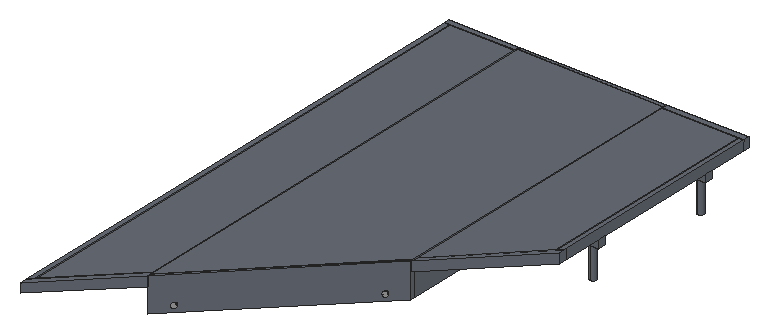
Revit family
Parameters (values of type "PL07 13 7/6")
  Width Left Side = 157 mm
  Width Inner Right Side = Actual Width Right - Frame Offset  # 168 mm
  Width Inner Main = Actual Width + 37 mm * 2  # 373 mm
  Width Inner Left Side = Actual Width Left - Frame Offset  # 144 mm
  Width = 299 mm
  Width Right Side = 181 mm
  URL = "http://www.meinertz.com/pictures_org/prodk.pdf"
  Total Width = Actual Width + Actual Width Left + Actual Width Right  # 637 mm
  Total Length = Actual Length + Total Width  # 1137 mm
  Thermal Performance = Thermal Performance Constant * Total Length / 1000 mm  # 482.088
  Tapping Radius = 9.5 mm / 2  # 4.75 mm
  Thermal Performance Index = 13
  Side Grill Length = Actual Length - (2 * Frame Offset) - 22 mm  # 452 mm
  Assembly Code = ""
  Actual Width Left = Count Grill Left Side * 24 mm + Frame Offset  # 157 mm
  Actual Width Right = Count Grill Right Side * 24 mm + Frame Offset  # 181 mm
  Actual Width = (Count Grill Main - 1) * 24 mm + 11 mm  # 299 mm
  Actual Length = if(Length < 4 * Frame Offset, 4 * Frame Offset, if(Length > 6000 mm, 6000 mm, Length))  # 500 mm
  Model = "PL07 13 7/6"
  Manufacturer = "Meinertz"  # constant formula
  Length = 500 mm
  Keynote = "PL07 13 7/6"
  Grill = RAL 7024 G
  GoGetNo = 7018  # constant formula
  Frame Offset = 13 mm  # constant formula
  Frame = RAL 7024
  Depth = -100 mm
  Count Side Support = (Actual Length - (2 * Frame Offset) - 200 mm) / 600 mm + 1.49  # 2
  Count Left Support = (Total Length - 200 mm) / 600 mm + 1.49  # 3
  Count Grill Right Side = ((Width Right Side - Frame Offset) / 24 mm)  # 7
  Count Grill Main = ((Width - 11 mm) / 24 mm) + 1  # 13
  Count Grill Left Side = ((Width Left Side - Frame Offset) / 24 mm)  # 6
  Count Convec Support = (Actual Length - (2 * Frame Offset) - 300 mm) / 2500 mm + 1.49  # 2
  Convection Grill Length = Actual Length - (2 * Frame Offset) - 11 mm  # 463 mm
  Thermal Performance Constant = if(Thermal Performance Index = 3, 145, if(Thermal Performance Index = 4, 191, if(Thermal Performance Index = 5, 231, if(Thermal Performance Index = 6, 262, if(Thermal Performance Index = 7, 287, if(Thermal Performance Index = 8, 317, if(Thermal Performance Index = 9, 339, if(Thermal Performance Index = 10, 359, if(Thermal Performance Index = 11, 382, if(Thermal Performance Index = 12, 404, if(Thermal Performance Index = 13, 424, 444)))))))))))  # 424
  Big = yes
Types (7, lengths in mm): name | Width Left Side | Width Inner Right Side | Width Inner Main | Width Inner Left Side | Width | Width Right Side | Total Width | Total Length | Thermal Performance | Thermal Performance Index | Actual Width Left | Actual Width Right | Actual Width | Model | Keynote | Count Grill Right Side | Count Grill Main | Count Grill Left Side | Thermal Performance Constant
  PL07 08 5/3 | 85 | 120 | 253 | 72 | 179 | 133 | 397 | 897 | 284.349 | 8 | 85 | 133 | 179 | "PL07 08 5/3" | "PL07 08 5/3" | 5 | 8 | 3 | 317
  PL07 09 5/4 | 109 | 120 | 277 | 96 | 203 | 133 | 445 | 945 | 320.355 | 9 | 109 | 133 | 203 | "PL07 09 5/4" | "PL07 09 5/4" | 5 | 9 | 4 | 339
  PL07 10 5/5 | 133 | 120 | 301 | 120 | 227 | 133 | 493 | 993 | 356.487 | 10 | 133 | 133 | 227 | "PL07 10 5/5" | "PL07 10 5/5" | 5 | 10 | 5 | 359
  PL07 11 6/5 | 133 | 144 | 325 | 120 | 251 | 157 | 541 | 1041 | 397.662 | 11 | 133 | 157 | 251 | "PL07 11 6/5" | "PL07 11 6/5" | 6 | 11 | 5 | 382
  PL07 12 6/6 | 157 | 144 | 349 | 144 | 275 | 157 | 589 | 1089 | 439.956 | 12 | 157 | 157 | 275 | "PL07 12 6/6" | "PL07 12 6/6" | 6 | 12 | 6 | 404
  PL07 13 7/6 | 157 | 168 | 373 | 144 | 299 | 181 | 637 | 1137 | 482.088 | 13 | 157 | 181 | 299 | "PL07 13 7/6" | "PL07 13 7/6" | 7 | 13 | 6 | 424
  PL07 14 7/7 | 181 | 168 | 397 | 168 | 323 | 181 | 685 | 1185 | 526.14 | 14 | 181 | 181 | 323 | "PL07 13 7/6" | "PL07 13 7/6" | 7 | 14 | 7 | 444
Reference planes
  plane 1 "Center (Front/Back)": y = -502.69
  plane 2: z = 0
  plane 3 "Center (Left/Right)": x = 0
  plane 4: y = -252.69
  plane 5: y = -752.69
  plane 6: x = 149.5
  plane 7: x = -149.5
  plane 8: x = 330.5
  plane 9: y = -265.69
  plane 10: y = -939.69
  plane 11: x = -136.5
  plane 12: x = 317.5
  plane 13: y = -276.69
  plane 14: y = -928.69
  plane 15: x = 162.5
  plane 16: y = -271.19
  plane 17: y = -252.69
  plane 18: y = -734.19
  plane 19: y = -728.69
  plane 20: y = -365.69
  plane 21: y = -415.69
  plane 22: y = -739.69
  plane 23: y = -639.69
  plane 24: y = -589.69
  plane 25: z = -70
  plane 26: z = -72
  plane 27: y = -405.69
  plane 28: y = -425.69
  plane 29: y = -579.69
  plane 30: y = -599.69
  plane 31: x = -306.5
  plane 32: x = -293.5
  plane 33: z = -20
  plane 34: x = 197.5
  plane 35: x = -197.5
  plane 36: y = -734.19
  plane 37: y = -728.69
  plane 38: x = 306.5
  plane 39: x = -282.5
  plane 40: z = -36
  plane 41: z = -20
  plane 42: y = -373.69
  plane 43: y = -357.69
  plane 44: y = -647.69
  plane 45: y = -631.69
  plane 46: y = -1389.69
  plane 47: y = -1350.527
  plane 48: y = -1198.749
  plane 49: y = -1206.527
  plane 50: y = -899.749
  plane 51: y = -907.527
  plane 52: y = -1342.749
  plane 53: y = -652.69
  plane 54: y = -1098.749
  plane 55: y = -1214.305
  plane 56: y = -515.69
  plane 57: y = -615.69
  plane 58: y = -964.305
  plane 59: y = -864.305
  plane 60: z = -55
  plane 61: z = -100
  plane 62: y = -915.305
  plane 63: y = -743.497
  plane 64: y = -515.69
  plane 65: y = -665.305
  plane 66: x = -119.5
  plane 67: x = 119.5
Forms (mm)
  Extrusion 1, void
    sketch origin (0, 0, 0) x (1, 0, 0) y (0, 1, 0)
      loop
        line (-306.5, -252.69) -> (-306.5, -1389.69) -> (330.5, -752.69) -> (330.5, -252.69) -> (-306.5, -252.69)
    from 0 to -100 <- "Depth"
  Extrusion 2, solid, material "RAL 7024" <- "Frame"
    sketch origin (0, 0, 0) x (1, 0, 0) y (0, 1, 0)
      loop
        line (-293.5, -265.69) -> (-293.5, -276.69) -> (-149.5, -276.69) -> (-149.5, -265.69) -> (-293.5, -265.69)
      loop
        line (149.5, -265.69) -> (149.5, -276.69) -> (317.5, -276.69) -> (317.5, -265.69) -> (149.5, -265.69)
    from 0 to -20
  Extrusion 3, solid, material "RAL 7024 G" <- "Grill"
    sketch origin (0, 0, 0) x (1, 0, 0) y (0, 1, 0)
      loop
        line (-282.5, -276.69) -> (-282.5, -1331.749) -> (-149.5, -1198.749) -> (-149.5, -276.69) -> (-282.5, -276.69)
      loop
        line (149.5, -276.69) -> (149.5, -899.749) -> (306.5, -742.749) -> (306.5, -276.69) -> (149.5, -276.69)
    from 0 to -20
  Extrusion 4, solid, material "RAL 7024" <- "Frame"
    sketch origin (0, 0, 0) x (1, 0, 0) y (0, 1, 0)
      loop
        line (-282.5, -1331.749) -> (-282.5, -276.69) -> (-293.5, -276.69) -> (-293.5, -1342.749) -> (-282.5, -1331.749)
      loop
        line (317.5, -276.69) -> (306.5, -276.69) -> (306.5, -742.749) -> (317.5, -731.749) -> (317.5, -276.69)
    from 0 to -20
  Extrusion 5, solid, material "RAL 7024 G" <- "Grill"
    sketch origin (0, 0, 0) x (1, 0, 0) y (0, 1, 0)
      loop
        line (-149.5, -271.19) -> (-149.5, -1206.527) -> (149.5, -907.527) -> (149.5, -271.19) -> (-149.5, -271.19)
    from 0 to -70
  Extrusion 6, solid, material "RAL 7024" <- "Frame"
    sketch origin (0, 0, 0) x (1, 0, 0) y (0, 1, 0)
      loop
        line (-293.5, -1342.749) -> (-293.5, -1358.305) -> (-149.5, -1214.305) -> (-149.5, -1198.749) -> (-293.5, -1342.749)
      loop
        line (149.5, -899.749) -> (149.5, -915.305) -> (317.5, -747.305) -> (317.5, -731.749) -> (149.5, -899.749)
    from 0 to -20
  Extrusion 7, solid, material "RAL 7024" <- "Frame"
    sketch origin (0, 0, 0) x (1, 0, 0) y (0, 1, 0)
      loop
        line (-149.5, -1206.527) -> (-149.5, -1214.305) -> (149.5, -915.305) -> (149.5, -907.527) -> (-149.5, -1206.527)
    from 0 to -70
  Extrusion 8, solid, material "RAL 7024" <- "Frame"
    sketch origin (0, 0, 0) x (1, 0, 0) y (0, 1, 0)
      loop
        line (-149.5, -265.69) -> (-149.5, -271.19) -> (149.5, -271.19) -> (149.5, -265.69) -> (-149.5, -265.69)
    from 0 to -70
  Extrusion 9, solid, material "Tap"
    sketch origin (-149.5, -1206.527, 0) x (0, 1, 0) y (0, 0, -1)
      loop
        circle (690.837, 55) r 4.8
      loop
        circle (590.837, 55.268) r 4.8
      loop
        circle (342.222, 55) r 4.8
      loop
        circle (242.222, 55) r 4.8
    from 0 to 5
  Extrusion 10, solid, material "Tap"
    sketch origin (149.5, -271.19, 0) x (0, -1, 0) y (0, 0, -1)
      loop
        circle (472.308, 55) r 4.8
      loop
        circle (244.5, 55) r 4.8
    from 0 to 5
  Extrusion 11, solid, material "Tap"
    sketch origin (-149.5, -265.69, 0) x (1, 0, 0) y (0, 0, -1)
      loop
        circle (30, 55) r 4.8
    from 0 to 5
  Extrusion 12, solid, material "Tap"
    sketch origin (-149.5, -265.69, 0) x (1, 0, 0) y (0, 0, -1)
      loop
        circle (269, 55) r 4.8
    from 0 to 5
  Extrusion 13, solid, material "Tap"
    sketch origin (-149.5, -1214.305, 0) x (0.707107, 0.707107, 0) y (0, 0, 1)
      loop
        circle (380.778, -55) r 4.8
    from 0 to 5
  Extrusion 14, solid, material "Tap"
    sketch origin (-149.5, -1214.305, 0) x (0.707107, 0.707107, 0) y (0, 0, 1)
      loop
        circle (42.317, -55) r 4.8
    from 0 to 5
Lines and regions (mm)
  Masking region 1
    outline origin (0, 0, 0) x (1, 0, 0) y (0, 1, 0)
      loop
        line (-149.5, -271.19) -> (-149.5, -1206.527) -> (149.5, -907.527) -> (149.5, -271.19) -> (-149.5, -271.19)
  Masking region 2
    outline origin (0, 0, 0) x (1, 0, 0) y (0, 1, 0)
      loop
        line (-293.5, -276.69) -> (-293.5, -1342.749) -> (-149.5, -1198.749) -> (-149.5, -276.69) -> (-293.5, -276.69)
  Masking region 3
    outline origin (0, 0, 0) x (1, 0, 0) y (0, 1, 0)
      loop
        line (149.5, -276.69) -> (149.5, -899.749) -> (317.5, -731.749) -> (317.5, -276.69) -> (149.5, -276.69)
  reference lines
    curve 1: line (330.5, -752.69, 0) -> (-306.5, -1389.69, 0)
    curve 2: line (321.308, -743.497, 0) -> (-315.692, -1380.497, 0)
    curve 3: line (317.419, -739.608, 0) -> (-319.581, -1376.608, 0)
    curve 4: line (313.529, -735.719, 0) -> (-323.471, -1372.719, 0)
Dimensions and locks
  "Actual Width": plane 7 to plane 6
  "Actual Length": plane 4 to plane 5
  equal spacing: plane 4, plane 1 "Center (Front/Back)", plane 5
  equal spacing: plane 7, plane 3 "Center (Left/Right)", plane 6
  "Actual Width Right": plane 6 to plane 8
  locked: plane 6 to plane 15 at 13
  plane 7 to plane 11 = 13 mm
  "Frame Offset": plane 12 to plane 8
  locked: plane 9 to plane 16 at 5.5
  "Frame Offset": plane 17 to plane 9
  locked: plane 16 to plane 13 at 5.5
  locked: plane 18 to plane 5 at 18.5
  locked: plane 19 to plane 5 at 24
  locked: plane 9 to plane 20 at 100
  locked: plane 20 to plane 21 at 50
  "Frame Offset": plane 22 to plane 5
  plane 24 to plane 23 to plane 22 = 50 mm locked, 100 mm locked
  plane 2 to plane 25 to plane 26 = 70 mm locked, 2 mm locked
  plane 27 to plane 21 to plane 28 = 10 mm locked, 10 mm locked
  plane 29 to plane 24 to plane 30 = 10 mm locked, 10 mm locked
  "Actual Width Left": plane 31 to plane 7
  "Frame Offset": plane 31 to plane 32
  locked: plane 2 to plane 33 at 20
  locked: plane 6 to plane 34 at 48
  locked: plane 35 to plane 7 at 48
  locked: plane 22 to plane 36 at 5.5
  locked: plane 37 to plane 22 at 11
  locked: plane 38 to plane 12 at 11
  locked: plane 32 to plane 39 at 11
  plane 43 to plane 20 to plane 42 = 8 mm locked, 8 mm locked
  plane 45 to plane 23 to plane 44 = 8 mm locked, 8 mm locked
  group 1 to group 2 = 0 mm  (x2)
  group 2 to group 1 = 313 mm
  equal spacing: group 3, group 7, group 4  (x2)
  equal spacing: group 4, group 7, group 3
  group 5 to group 6 = 0 mm  (x2)
  group 6 to group 5 = 274 mm
  "Total Width": plane 5 to plane 46
  locked: plane 47 to plane 46 at 39.163
  locked: plane 48 to plane 49 at 7.778
  "Width Inner Left Side": plane 49 to plane 47
  locked: plane 50 to plane 51 at 7.778
  "Actual Width": plane 50 to plane 48
  locked: plane 52 to plane 46 at 46.941
  locked: plane 53 to plane 5 at 100
  locked: plane 54 to plane 48 at 100
  locked: plane 49 to plane 55 at 7.778
  plane 9 to plane 56 to plane 57 = 250 mm locked, 100 mm locked
  plane 59 to plane 58 to plane 55 = 100 mm locked, 250 mm locked
  locked: level to plane 61 at 100
  locked: plane 61 to plane 60 at 45
  locked: plane 62 to plane 51 at 7.778
  locked: plane 64 to plane 9 at 250
  locked: plane 62 to plane 65 at 250
  locked: plane 66 to plane 7 at 30
  locked: plane 6 to plane 67 at 30
  plane 66 to Extrusion 14 sketch curve = 0.078 mm
  aligned and locked: plane 4 to plane 17
  aligned and locked: Extrusion 1 sketch curve to plane 31
  aligned and locked: plane 32 to Extrusion 2 sketch curve
  aligned and locked: Extrusion 2 sketch curve to plane 9  (x2)
  aligned and locked: Extrusion 3 sketch curve to plane 39
  aligned and locked: Extrusion 3 sketch curve to plane 38
  aligned and locked: Extrusion 3 to Extrusion 4 sketch curve
  aligned and locked: Extrusion 4 sketch curve to Extrusion 2
  aligned and locked: Extrusion 4 sketch curve to plane 38
  aligned and locked: plane 13 to Extrusion 2 sketch curve  (x2)
  aligned and locked: plane 6 to Extrusion 2 sketch curve
  aligned and locked: Extrusion 2 sketch curve to plane 12
  aligned and locked: nested 3 to plane 41
  aligned and locked: plane 20 to nested 3
  aligned and locked: plane 21 to nested 2
  aligned and locked: nested 2 to plane 26
  aligned and locked: plane 3 "Center (Left/Right)" to nested 2
  aligned and locked: nested 1 to plane 12
  aligned and locked: nested 3 to plane 32
  aligned and locked: plane 32 to nested 5  (x2)
  aligned and locked: plane 3 "Center (Left/Right)" to nested 4
  aligned and locked: plane 23 to nested 6
  aligned and locked: nested 1 to plane 40
  aligned and locked: nested 6 to plane 40
  aligned and locked: nested 6 to plane 12
  aligned and locked: plane 16 to Extrusion 5
  aligned and locked: Extrusion 3 sketch curve to plane 13  (x2)
  aligned and locked: plane 20 to nested 1
  aligned and locked: Extrusion 6 sketch curve to curve 2  (x2)
  aligned and locked: Extrusion 6 sketch curve to plane 7
  aligned and locked: plane 32 to Extrusion 6 sketch curve
  aligned and locked: Extrusion 6 sketch curve to plane 6
  aligned and locked: plane 12 to Extrusion 6 sketch curve
  aligned and locked: Extrusion 7 sketch curve to curve 2
  aligned and locked: plane 7 to Extrusion 7 sketch curve
  aligned and locked: plane 6 to Extrusion 7 sketch curve
  aligned and locked: curve 4 to Extrusion 3 sketch curve  (x2)
  aligned and locked: curve 4 to Extrusion 6 sketch curve
  aligned and locked: curve 4 to Extrusion 4 sketch curve
  aligned and locked: Extrusion 6 sketch curve to curve 4
  aligned and locked: curve 3 to Extrusion 7 sketch curve
  aligned and locked: Extrusion 2 to Extrusion 8 sketch curve
  aligned and locked: Extrusion 8 sketch curve to Extrusion 2
  aligned and locked: Extrusion 8 sketch curve to Extrusion 5
  aligned and locked: curve 3 to Extrusion 5 sketch curve
  aligned and locked: Extrusion 4 sketch curve to Extrusion 6
  aligned and locked: nested 7 to plane 32
  aligned and locked: plane 13 to nested 7
  aligned and locked: nested 7 to plane 52
  aligned and locked: nested 8 to plane 7
  aligned and locked: plane 16 to nested 8
  aligned and locked: nested 8 to plane 49
  aligned and locked: Masking region 1 sketch curve to Extrusion 5  (x2)
  aligned and locked: Masking region 1 sketch curve to plane 6
  aligned and locked: curve 3 to Masking region 1 sketch curve
  aligned and locked: plane 12 to nested 9
  aligned and locked: Masking region 2 sketch curve to plane 13
  aligned and locked: Masking region 2 sketch curve to plane 7
  aligned and locked: Masking region 2 sketch curve to plane 32
  aligned and locked: curve 4 to Masking region 2 sketch curve
  aligned and locked: Masking region 3 sketch curve to plane 13
  aligned and locked: plane 6 to Masking region 3 sketch curve
  aligned and locked: Masking region 3 sketch curve to plane 12
  aligned and locked: Masking region 3 sketch curve to curve 4
  aligned and locked: plane 13 to nested 9
  aligned and locked: nested 5 to plane 54
  aligned and locked: nested 4 to plane 37
  aligned and locked: nested 5 to plane 32
Automatic sketch dimensions
  Extrusion 3 sketch curve to plane 6 = 0 mm
  Extrusion 4 sketch curve to plane 12 = 0 mm
  Extrusion 4 sketch curve to plane 13 = 0 mm  (x2)
  Extrusion 1 sketch curve to plane 4 = 0 mm
  Extrusion 1 sketch curve to plane 8 = 0 mm
  Extrusion 1 sketch curve to plane 46 = 0 mm
  Extrusion 1 sketch curve to plane 5 = 0 mm
  curve 1 to plane 31 = 0 mm
  curve 1 to plane 5 = 0 mm
  curve 1 to plane 8 = 0 mm
  curve 1 to plane 46 = 0 mm
  curve 2 to plane 31 = 9.192 mm
  plane 12 to curve 2 = 3.808 mm
  plane 46 to curve 2 = 9.192 mm
  curve 2 to plane 22 = 3.808 mm
  curve 3 to curve 2 = 3.889 mm
  curve 3 to plane 12 = 0.081 mm
  curve 2 to curve 3 = 3.889 mm
  plane 22 to curve 3 = 0.081 mm
  curve 4 to curve 3 = 3.889 mm
  plane 18 to curve 4 = 1.529 mm
  curve 4 to plane 12 = 3.971 mm
  curve 3 to curve 4 = 3.889 mm
  Extrusion 5 sketch curve to plane 16 = 0 mm
  Extrusion 3 sketch curve to plane 48 = 0 mm
  Extrusion 2 sketch curve to plane 7 = 0 mm
  Extrusion 5 sketch curve to plane 49 = 0 mm
  Extrusion 5 sketch curve to plane 51 = 0 mm
  Extrusion 8 sketch curve to plane 6 = 0 mm
  Extrusion 5 to Extrusion 9 sketch curve = 15 mm  (x3)
  Extrusion 9 sketch curve to Extrusion 5 = 242.222 mm
  Extrusion 9 sketch curve to Extrusion 9 sketch curve = 100 mm  (x2)
  Extrusion 5 to Extrusion 9 sketch curve = 14.732 mm
  Extrusion 9 sketch curve to Extrusion 9 sketch curve = 248.615 mm
  Extrusion 5 to Extrusion 10 sketch curve = 15 mm  (x2)
  Extrusion 5 to Extrusion 10 sketch curve = 244.5 mm
  Extrusion 5 to Extrusion 10 sketch curve = 164.029 mm
  Extrusion 12 sketch curve to Extrusion 8 = 30 mm
  Extrusion 8 to Extrusion 12 sketch curve = 15 mm
  Extrusion 8 to Extrusion 11 sketch curve = 15 mm
  Extrusion 11 sketch curve to Extrusion 8 = 30 mm
  Extrusion 7 to Extrusion 13 sketch curve = 15 mm
  Extrusion 13 sketch curve to Extrusion 7 = 42.072 mm
  Extrusion 7 to Extrusion 14 sketch curve = 15 mm
  Extrusion 14 sketch curve to Extrusion 7 = 42.317 mm
  radius of Extrusion 9 sketch curve = 4.8 mm  (x4)
  radius of Extrusion 10 sketch curve = 4.8 mm  (x2)
  radius of Extrusion 12 sketch curve = 4.8 mm
  radius of Extrusion 11 sketch curve = 4.8 mm
  radius of Extrusion 13 sketch curve = 4.8 mm
  radius of Extrusion 14 sketch curve = 4.8 mm
Nested families
  nested 1: "Support" at (219.579, -359.22, -36) x (0, 1, 0) z (0, 0, 1), type "Side Right Support"
  nested 2: "Support" at (-13.921, -409.22, -72) x (0, 1, 0) z (0, 0, 1), type "Convec Support"
  nested 3: "Support" at (-235.421, -359.22, -36) x (0, 1, 0) z (0, 0, 1), type "Side Left Support"
    with Side 2 no, Side 1 yes, Length 144 mm
  nested 4: "Support" at (-13.921, -722.22, -72) x (0, 1, 0) z (0, 0, 1), type "Convec Support"
  nested 5: "Support" at (-235.421, -1092.279, -36) x (0, 1, 0) z (0, 0, 1), type "Side Left Support"
    with Side 2 no, Side 1 yes, Length 144 mm
  nested 6: "Support" at (219.579, -633.22, -36) x (0, 1, 0) z (0, 0, 1), type "Side Right Support"
  nested 7: "Grill 45" at (-368.701, -1198.749, 0), type "Left"
    with Start 11 mm, Second 13 mm, Length 1066.059 mm, Big no, Width 144 mm
  nested 8: "Grill 45" at (-147.201, -907.527, 0), type "Main"
    with Start 11 mm, Second 13 mm, Length 935.337 mm, Big no, Width 299 mm
  nested 9: "Grill 45" at (86.299, -731.749, 0), Big <- "Big", type "Right"
    with Start 13 mm, Second 11 mm, Length 623.059 mm, Big yes, Width 168 mm
  nested 10: "Support" at (-235.421, -725.75, -36) x (0, 1, 0) z (0, 0, 1), type "Side Left Support"
    with Side 2 no, Side 1 yes, Length 144 mm
Connectors
  piping at (-154.5, -515.69, -55), driven by "Tapping Radius"
    settings: on Extrusion 9, index 1, connector radius 4.75 mm, flow factor 0, pipe flow 0.0 L/s, pressure drop 0.0 Pa, fitting loss kfactor 0, connector angle 0.00°, fixture units 0, flow configuration 1, flow direction 1, fitting loss method 0, system type 22, connector reference index -1, connector utility 0, adjustable connector no, is connector primary yes, fitting loss table "", connector description "A"
  piping at (-154.5, -615.69, -55.268), driven by "Tapping Radius"
    settings: on Extrusion 9, index 2, connector radius 4.75 mm, flow factor 0, pipe flow 0.0 L/s, pressure drop 0.0 Pa, fitting loss kfactor 0, connector angle 0.00°, fixture units 0, flow configuration 1, flow direction 2, fitting loss method 0, system type 22, connector reference index -1, connector utility 0, adjustable connector no, is connector primary no, fitting loss table "", connector description "A"
  piping at (-154.5, -864.305, -55), driven by "Tapping Radius"
    settings: on Extrusion 9, index 3, connector radius 4.75 mm, flow factor 0, pipe flow 0.0 L/s, pressure drop 0.0 Pa, fitting loss kfactor 0, connector angle 0.00°, fixture units 0, flow configuration 1, flow direction 1, fitting loss method 0, system type 22, connector reference index -1, connector utility 0, adjustable connector no, is connector primary no, fitting loss table "", connector description "D"
  piping at (-154.5, -964.305, -55), driven by "Tapping Radius"
    settings: on Extrusion 9, index 4, connector radius 4.75 mm, flow factor 0, pipe flow 0.0 L/s, pressure drop 0.0 Pa, fitting loss kfactor 0, connector angle 0.00°, fixture units 0, flow configuration 1, flow direction 2, fitting loss method 0, system type 22, connector reference index -1, connector utility 0, adjustable connector no, is connector primary no, fitting loss table "", connector description "D"
  piping at (-116.042, -1187.918, -55), driven by "Tapping Radius"
    settings: on Extrusion 14, index 5, connector radius 4.75 mm, flow factor 0, pipe flow 0.0 L/s, pressure drop 0.0 Pa, fitting loss kfactor 0, connector angle 0.00°, fixture units 0, flow configuration 1, flow direction 1, fitting loss method 0, system type 22, connector reference index -1, connector utility 0, adjustable connector no, is connector primary no, fitting loss table "", connector description "F"
  piping at (123.286, -948.59, -55), driven by "Tapping Radius"
    settings: on Extrusion 13, index 6, connector radius 4.75 mm, flow factor 0, pipe flow 0.0 L/s, pressure drop 0.0 Pa, fitting loss kfactor 0, connector angle 0.00°, fixture units 0, flow configuration 1, flow direction 2, fitting loss method 0, system type 22, connector reference index -1, connector utility 0, adjustable connector no, is connector primary no, fitting loss table "", connector description "F"
  piping at (154.5, -743.497, -55), driven by "Tapping Radius"
    settings: on Extrusion 10, index 7, connector radius 4.75 mm, flow factor 0, pipe flow 0.0 L/s, pressure drop 0.0 Pa, fitting loss kfactor 0, connector angle 0.00°, fixture units 0, flow configuration 1, flow direction 1, fitting loss method 0, system type 22, connector reference index -1, connector utility 0, adjustable connector no, is connector primary no, fitting loss table "", connector description "C"
  piping at (154.5, -515.69, -55), driven by "Tapping Radius"
    settings: on Extrusion 10, index 8, connector radius 4.75 mm, flow factor 0, pipe flow 0.0 L/s, pressure drop 0.0 Pa, fitting loss kfactor 0, connector angle 0.00°, fixture units 0, flow configuration 1, flow direction 2, fitting loss method 0, system type 22, connector reference index -1, connector utility 0, adjustable connector no, is connector primary no, fitting loss table "", connector description "C"
  piping at (119.5, -260.69, -55), driven by "Tapping Radius"
    settings: on Extrusion 12, index 9, connector radius 4.75 mm, flow factor 0, pipe flow 0.0 L/s, pressure drop 0.0 Pa, fitting loss kfactor 0, connector angle 0.00°, fixture units 0, flow configuration 1, flow direction 1, fitting loss method 0, system type 22, connector reference index -1, connector utility 0, adjustable connector no, is connector primary no, fitting loss table "", connector description "B"
  piping at (-119.5, -260.69, -55), driven by "Tapping Radius"
    settings: on Extrusion 11, index 10, connector radius 4.75 mm, flow factor 0, pipe flow 0.0 L/s, pressure drop 0.0 Pa, fitting loss kfactor 0, connector angle 0.00°, fixture units 0, flow configuration 1, flow direction 2, fitting loss method 0, system type 22, connector reference index -1, connector utility 0, adjustable connector no, is connector primary no, fitting loss table "", connector description "B"
Definition of nested family "Support"
  Parameters (values of type "Side Support")
    offset top = 17.5 mm
    Width = 16 mm
    Side 2 = yes
    Side 1 = no
    Length = 168 mm
    Height = 16 mm
    Frame = RAL 7024
    Footing rad = 6.5 mm
    Footing Height = 64 mm
    Assembly Code = ""
  Types (2, lengths in mm): name | Width | Side 1 | Length | Height | Footing Height
    Side Support | 16 | no | 168 | 16 | 64
    Convec Support | 20 | yes | 192 | 2 | 28
  Reference planes
    plane 1 "Center (Front/Back)": y = -13.921
    plane 2: z = 0
    plane 3 "Center (Left/Right)": x = -6.469
    plane 4: z = 16
    plane 5: x = 1.531
    plane 6: x = -14.469
    plane 7: y = 70.079
    plane 8: y = -97.921
    plane 9: y = 52.579
    plane 10: y = -80.421
    plane 11: z = -64
  Forms (mm)
    Extrusion 1, solid, material "RAL 7024" <- "Frame"
      sketch origin (0, -13.921, 0) x (1, 0, 0) y (0, 0, 1)
        loop
          line (-14.469, 16) -> (-14.469, 0) -> (1.531, 0) -> (1.531, 16) -> (-14.469, 16)
      from -84 to 84
    Extrusion 2, solid, material "RAL 7024" <- "Frame", visible <- "Side 1"
      sketch origin (0, 0, 0) x (1, 0, 0) y (0, 1, 0)
        loop
          circle (-6.469, 52.579) r 6.5
      from -64 to 0
    Extrusion 3, solid, material "RAL 7024" <- "Frame", visible <- "Side 2"
      sketch origin (0, 0, 0) x (1, 0, 0) y (0, 1, 0)
        loop
          circle (-6.469, -80.421) r 6.5
      from -64 to 0
  Dimensions and locks
    equal spacing: plane 6, plane 3 "Center (Left/Right)", plane 5
    equal spacing: plane 7, plane 1 "Center (Front/Back)", plane 8
    "Length": plane 7 to plane 8
    "Width": plane 6 to plane 5
    "Height": plane 4 to plane 2
    "offset top": plane 7 to plane 9
    "offset top": plane 10 to plane 8
    "Footing Height": plane 2 to plane 11
    "Footing rad": Extrusion 2 sketch curve to plane 3 "Center (Left/Right)"
    "Footing rad": plane 9 to Extrusion 2 sketch curve
    locked: plane 10 to Extrusion 3 sketch curve at 6.5
    locked: plane 3 "Center (Left/Right)" to Extrusion 3 sketch curve at 6.5
    "Footing rad": radius of Extrusion 2 sketch curve
    "Footing rad": radius of Extrusion 3 sketch curve
    aligned and locked: plane 6 to Extrusion 1 sketch curve
    aligned and locked: Extrusion 1 sketch curve to plane 4
    aligned and locked: level to Extrusion 1 sketch curve
    aligned and locked: Extrusion 1 sketch curve to plane 5
    aligned and locked: plane 7 to Extrusion 1
    aligned and locked: Extrusion 1 to plane 8
    aligned and locked: Extrusion 2 to plane 11
    aligned and locked: plane 2 to Extrusion 2
    aligned and locked: Extrusion 3 to plane 11
    aligned and locked: level to Extrusion 3
Definition of nested family "Grill 45"
  Parameters (values of type "Right")
    Width = 150 mm
    Start [instance] = if(Big, 13 mm, 11 mm)  # 11 mm
    Second [instance] = if(Big, 11 mm, 13 mm)  # 13 mm
    Length [instance] = 500 mm
    Big [instance] = no
    Assembly Code = ""
  Types (3, lengths in mm): name | Width
    Right | 150
    Main | 179
    Left | 72
  Reference planes
    plane 1 "Center (Front/Back)": y = 0
    plane 2: z = 0
    plane 3 "Center (Left/Right)": x = 147.201
    plane 4: x = 222.201
    plane 5: x = 72.201
    plane 6: y = -150
    plane 7: y = 350
  Lines and regions (mm)
    Filled region 1, type "Base", in view "Ref. Level"
      outline origin (0, 0, 0) x (1, 0, 0) y (0, 1, 0)
        loop
          line (72.201, 350) -> (72.201, -150) -> (222.201, 0) -> (222.201, 350) -> (72.201, 350)
    Filled region 2, type "Top", in view "Ref. Level"
      outline origin (98.995, 98.995, 0) x (1, 0, 0) y (0, 1, 0)
        loop
          line (-26.794, 251.005) -> (-26.794, -248.995) -> (123.206, -98.995) -> (123.206, 251.005) -> (-26.794, 251.005)
  Dimensions and locks
    equal spacing: plane 5, plane 3 "Center (Left/Right)", plane 4
    "Width": plane 6 to plane 1 "Center (Front/Back)"
    "Width": plane 5 to plane 4
    "Length": plane 7 to plane 6
    "Start": plane 5 to Filled region 2
    "Second": Filled region 2 to Filled region 1
    aligned and locked: Filled region 1 to Filled region 2
    aligned and locked: Filled region 2 to plane 5
    aligned and locked: plane 7 to Filled region 2
    aligned and locked: plane 4 to Filled region 2
    aligned and locked: plane 5 to Filled region 1
  Automatic sketch dimensions
    Filled region 1 sketch curve to plane 5 = 0 mm
    Filled region 1 sketch curve to plane 1 "Center (Front/Back)" = 0 mm
    Filled region 1 sketch curve to plane 4 = 0 mm
    Filled region 1 sketch curve to plane 6 = 0 mm
    Filled region 1 sketch curve to plane 7 = 0 mm
    plane 5 to Filled region 2 sketch curve = 0 mm
    plane 4 to Filled region 2 sketch curve = 0 mm
    plane 6 to Filled region 2 sketch curve = 0 mm
    Filled region 2 sketch curve to plane 1 "Center (Front/Back)" = 0 mm
    plane 7 to Filled region 2 sketch curve = 0 mm
